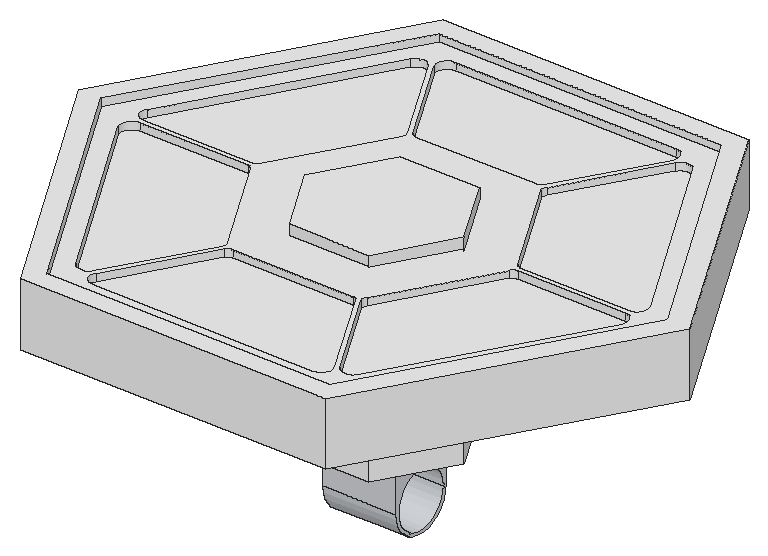
Revit family "Lighting-Industriale-GEWISS-ESALITE-HB-APPARECCHI-LED_16K_DALI", category Apparecchi per illuminazione, host Superficie, Revit 2019
Family settings
  Host = Superficie
  Quota connettore circolare = Usa diametro
  Tipo di parte = Normale
  Taglio con vuoti quando caricato = No
  Sorgente d'illuminazione = No
  Condiviso = No
  Punto di calcolo locali = Sì
Parameters (values of type "GWS6335GD57K - ESALITE 16K ELL.5700K PLAF+V.GR.DALI")
  Versioni = "Luce fredda 5700K"
  Versione file RFA = "20.11"
  VISIBILITA' SIMBOLO [instance] = yes
  VISIBILITA' LAMPADA PIANTA [instance] = not(VISIBILITA' SIMBOLO)  # no
  VISIBILITA' ETICHETTA [instance] = yes
  URL = "https://www.gewiss.com/it/it"
  Tipo alimentatore = "Driver Led Dali"
  Tensione = "220/240 V - 50/60 Hz"
  Temperatura di utilizzo = "-30 +50 °C"
  Temperatura di colore: = "5700 K (CRI>80)"
  Spostamento_y_effettivo_ET [instance] = 4000 mm - Spostamento_y_ET  # 2119.2 mm
  Spostamento_y_ET [instance] = 1880.8 mm
  Spostamento_X_effettivo_ET [instance] = 4000 mm - Spostamento_X_ET  # 3850.612 mm
  Spostamento_X_ET [instance] = 149.388 mm
  Schermo = "Vetro temprato"
  Scheda Tecnica = "https://www.gewiss.com/it/it/search?q=GWS6335GD57K"
  SEO = "High bay"
  Resistenza alle sovratensioni : = "8KV in modalità comune; 6KV in modalità differenziale"
  Resistenza agli urti = "IK08"
  Default Elevation = 1219.2 mm
  Produttore = "GEWISS S.p.A."
  Potenza di sitema = "Wxxx"
  Potenza di sistema = "125W"
  Peso (kg): = "7,5"
  Ottica = "Ellittica"
  Modello = "GWS6335GD57K"
  Lumen output (lm) = "13600"
  Life time L90B10 (Tq 50Â°C) = "50000H"
  Life time L90B10 (Tq 25Â°C) = "100000H"
  Lampada: = "LED - Non sostituibile"
  Immagine tipo = ESALITE_HB.jpg
  IDT = "a54f4c13e4cb438fafd2955485c5441c"
  IDF = "601e2add-3ac0-41d0-ad3b-f966b47d6144"
  Grado di protezione = "IP66"
  Garanzia = "5 anni"
  Flusso nominale (lm) = "17000"
  Descrizione = "ESALITE 16K ELL.5700K PLAF+V.GR.DALI"
  Creato da GEWISS S.p.A. = ""
  Corrente di pilotaggio. = "0,599999999999999A"
  Colore = "Grigio RAL 9006"
  Codice Electrocod = "2444"
  Classe isolamento = "I"
  Classe di efficienza LED integrati = "A ÷ A++"
  Catalogo Serie = "ESALITE HB - 16K"
  Catalogo = "LIGHTING"
  COBie.Tagnumber = ""
  COBie.CreatedOn = ""
  COBie.CreatebBy = ""
  COBie.ComponentRegisterItemID = ""
  COBie.Component.TagNumber = ""
  COBie.Component.Space = ""
  COBie.Component.SerialNumber = ""
  COBie.Component.InstallationDate = ""
  COBie.Component.Description = ""
  COBie.Component.BarCode = ""
  Applicazione = "Interno / Esterno"
Types (25, lengths in mm): name | Versioni | Temperatura di colore: | Schermo | Scheda Tecnica | Resistenza agli urti | Ottica | Modello | Lumen output (lm) | IDT | Grado di protezione | Flusso nominale (lm) | Descrizione | Applicazione
  (no name) | "Luce fredda 5700K" | "5700 K (CRI>80)" | "Vetro temprato" | "https://www.gewiss.com/it/it/search?q=GWS6335GD57K" | "IK08" | "Ellittica" | "GWS6335GD57K" | "13600" | "a54f4c13e4cb438fafd2955485c5441c" | "IP66" | "17000" | "ESALITE 16K ELL.5700K PLAF+V.GR.DALI" | "Interno / Esterno"
  GWS6032GD - ESALITE 16K 30° 4000K PLAF.GR.DALI | "Luce naturale 4000K" | "4000 K (CRI>80)" | "Plastico" | "https://www.gewiss.com/it/it/search?q=GWS6032GD" | "IK06" | "30°" | "GWS6032GD" | "14400" | "39e03025dfbc4288af2ce8f743936643" | "IP65" | "17000" | "ESALITE 16K 30° 4000K PLAF.GR.DALI" | "Interno"
  GWS6032GD30K - ESALITE 16K 30° 3000K PLAF.GR.DALI | "Luce calda 3000K" | "3000 K (CRI>80)" | "Plastico" | "https://www.gewiss.com/it/it/search?q=GWS6032GD30K" | "IK06" | "30°" | "GWS6032GD30K" | "13400" | "c226fc3004d24f4094da6ffb8992abb0" | "IP65" | "16000" | "ESALITE 16K 30° 3000K PLAF.GR.DALI" | "Interno"
  GWS6032GD57K - ESALITE 16K 30° 5700K PLAF.GR.DALI | "Luce fredda 5700K" | "5700 K (CRI>80)" | "Plastico" | "https://www.gewiss.com/it/it/search?q=GWS6032GD57K" | "IK06" | "30°" | "GWS6032GD57K" | "14400" | "a306528a721c42ff9d4e9932b5d48a03" | "IP65" | "17000" | "ESALITE 16K 30° 5700K PLAF.GR.DALI" | "Interno"
  GWS6033GD - ESALITE 16K 60° 4000K PLAF.GR.DALI | "Luce naturale 4000K" | "4000 K (CRI>80)" | "Plastico" | "https://www.gewiss.com/it/it/search?q=GWS6033GD" | "IK06" | "60°" | "GWS6033GD" | "14700" | "6af811cbe9414f66ab4bd28b991bbe8f" | "IP65" | "17000" | "ESALITE 16K 60° 4000K PLAF.GR.DALI" | "Interno"
  GWS6033GD30K - ESALITE 16K 60° 3000K PLAF.GR.DALI | "Luce calda 3000K" | "3000 K (CRI>80)" | "Plastico" | "https://www.gewiss.com/it/it/search?q=GWS6033GD30K" | "IK06" | "60°" | "GWS6033GD30K" | "13700" | "e5e01e6559ea4602886af997f2dd6e4e" | "IP65" | "16000" | "ESALITE 16K 60° 3000K PLAF.GR.DALI" | "Interno"
  GWS6033GD57K - ESALITE 16K 60° 5700K PLAF.GR.DALI | "Luce fredda 5700K" | "5700 K (CRI>80)" | "Plastico" | "https://www.gewiss.com/it/it/search?q=GWS6033GD57K" | "IK06" | "60°" | "GWS6033GD57K" | "14700" | "6ac66394f54543fd9d2a1178bb1d6695" | "IP65" | "17000" | "ESALITE 16K 60° 5700K PLAF.GR.DALI" | "Interno"
  GWS6034GD - ESALITE 16K 90° 4000K PLAF.GR.DALI | "Luce naturale 4000K" | "4000 K (CRI>80)" | "Plastico" | "https://www.gewiss.com/it/it/search?q=GWS6034GD" | "IK06" | "90°" | "GWS6034GD" | "15600" | "ee47cda429fb4ce89b851b92d9619367" | "IP65" | "17000" | "ESALITE 16K 90° 4000K PLAF.GR.DALI" | "Interno"
  GWS6034GD30K - ESALITE 16K 90° 3000K PLAF.GR.DALI | "Luce calda 3000K" | "3000 K (CRI>80)" | "Plastico" | "https://www.gewiss.com/it/it/search?q=GWS6034GD30K" | "IK06" | "90°" | "GWS6034GD30K" | "14500" | "f528e1daeff34361b0fa2685b4df1d6f" | "IP65" | "16000" | "ESALITE 16K 90° 3000K PLAF.GR.DALI" | "Interno"
  GWS6034GD57K - ESALITE 16K 90° 5700K PLAF.GR.DALI | "Luce fredda 5700K" | "5700 K (CRI>80)" | "Plastico" | "https://www.gewiss.com/it/it/search?q=GWS6034GD57K" | "IK06" | "90°" | "GWS6034GD57K" | "15600" | "59a8fbbd0145487e96f26b14b5e4220c" | "IP65" | "17000" | "ESALITE 16K 90° 5700K PLAF.GR.DALI" | "Interno"
  GWS6035GD - ESALITE 16K ELL.4000K PLAF.GR.DALI | "Luce naturale 4000K" | "4000 K (CRI>80)" | "Plastico" | "https://www.gewiss.com/it/it/search?q=GWS6035GD" | "IK06" | "Ellittica" | "GWS6035GD" | "14700" | "6894d707bf884244b0e0e2f22a0d072b" | "IP65" | "17000" | "ESALITE 16K ELL.4000K PLAF.GR.DALI" | "Interno"
  GWS6035GD30K - ESALITE 16K ELL.3000K PLAF.GR.DALI | "Luce calda 3000K" | "3000 K (CRI>80)" | "Plastico" | "https://www.gewiss.com/it/it/search?q=GWS6035GD30K" | "IK06" | "Ellittica" | "GWS6035GD30K" | "13700" | "43f4a1f4c59e4f02a47173e758b3e2f9" | "IP65" | "16000" | "ESALITE 16K ELL.3000K PLAF.GR.DALI" | "Interno"
  GWS6035GD57K - ESALITE 16K ELL.5700K PLAF.GR.DALI | "Luce fredda 5700K" | "5700 K (CRI>80)" | "Plastico" | "https://www.gewiss.com/it/it/search?q=GWS6035GD57K" | "IK06" | "Ellittica" | "GWS6035GD57K" | "14700" | "7e38fbde8da2462c95801c54c3765e04" | "IP65" | "17000" | "ESALITE 16K ELL.5700K PLAF.GR.DALI" | "Interno"
  GWS6332GD - ESALITE 16K 30° 4000K PLAF+V.GR.DALI | "Luce naturale 4000K" | "4000 K (CRI>80)" | "Vetro temprato" | "https://www.gewiss.com/it/it/search?q=GWS6332GD" | "IK08" | "30°" | "GWS6332GD" | "13300" | "8800f98ef3d140f6aaa7b7165f7b2d88" | "IP66" | "17000" | "ESALITE 16K 30° 4000K PLAF+V.GR.DALI" | "Interno / Esterno"
  GWS6332GD30K - ESALITE 16K 30° 3000K PLAF+V.GR.DALI | "Luce calda 3000K" | "3000 K (CRI>80)" | "Vetro temprato" | "https://www.gewiss.com/it/it/search?q=GWS6332GD30K" | "IK08" | "30°" | "GWS6332GD30K" | "12300" | "d878ccc5a83142ffa1d5aa30606ade52" | "IP66" | "16000" | "ESALITE 16K 30° 3000K PLAF+V.GR.DALI" | "Interno / Esterno"
  GWS6332GD57K - ESALITE 16K 30° 5700K PLAF+V.GR.DALI | "Luce fredda 5700K" | "5700 K (CRI>80)" | "Vetro temprato" | "https://www.gewiss.com/it/it/search?q=GWS6332GD57K" | "IK08" | "30°" | "GWS6332GD57K" | "13300" | "57e13c32087e4914b460dd63fcdca865" | "IP66" | "17000" | "ESALITE 16K 30° 5700K PLAF+V.GR.DALI" | "Interno / Esterno"
  GWS6333GD - ESALITE 16K 60° 4000K PLAF+V.GR.DALI | "Luce naturale 4000K" | "4000 K (CRI>80)" | "Vetro temprato" | "https://www.gewiss.com/it/it/search?q=GWS6333GD" | "IK08" | "60°" | "GWS6333GD" | "13600" | "be6ae29a2ded4cf9b4aa5b8921416a86" | "IP66" | "17000" | "ESALITE 16K 60° 4000K PLAF+V.GR.DALI" | "Interno / Esterno"
  GWS6333GD30K - ESALITE 16K 60° 3000K PLAF+V.GR.DALI | "Luce calda 3000K" | "3000 K (CRI>80)" | "Vetro temprato" | "https://www.gewiss.com/it/it/search?q=GWS6333GD30K" | "IK08" | "60°" | "GWS6333GD30K" | "12600" | "87c9c88197a34362af688c8e91c0d271" | "IP66" | "16000" | "ESALITE 16K 60° 3000K PLAF+V.GR.DALI" | "Interno / Esterno"
  GWS6333GD57K - ESALITE 16K 60° 5700K PLAF+V.GR.DALI | "Luce fredda 5700K" | "5700 K (CRI>80)" | "Vetro temprato" | "https://www.gewiss.com/it/it/search?q=GWS6333GD57K" | "IK08" | "60°" | "GWS6333GD57K" | "13600" | "7fab6dde5e8a428699b5bee065c1908d" | "IP66" | "17000" | "ESALITE 16K 60° 5700K PLAF+V.GR.DALI" | "Interno / Esterno"
  GWS6334GD - ESALITE 16K 90° 4000K PLAF+V.GR.DALI | "Luce naturale 4000K" | "4000 K (CRI>80)" | "Vetro temprato" | "https://www.gewiss.com/it/it/search?q=GWS6334GD" | "IK08" | "90°" | "GWS6334GD" | "14400" | "875574b0810943fda973ff4d466be8ed" | "IP66" | "17000" | "ESALITE 16K 90° 4000K PLAF+V.GR.DALI" | "Interno / Esterno"
  GWS6334GD30K - ESALITE 16K 90° 3000K PLAF+V.GR.DALI | "Luce calda 3000K" | "3000 K (CRI>80)" | "Vetro temprato" | "https://www.gewiss.com/it/it/search?q=GWS6334GD30K" | "IK08" | "90°" | "GWS6334GD30K" | "13400" | "b28f25b15131450ab32343165c96e735" | "IP66" | "16000" | "ESALITE 16K 90° 3000K PLAF+V.GR.DALI" | "Interno / Esterno"
  GWS6334GD57K - ESALITE 16K 90° 5700K PLAF+V.GR.DALI | "Luce fredda 5700K" | "5700 K (CRI>80)" | "Vetro temprato" | "https://www.gewiss.com/it/it/search?q=GWS6334GD57K" | "IK08" | "90°" | "GWS6334GD57K" | "14400" | "e6067d8e4f914fe3a1c6a37714fbe1bf" | "IP66" | "17000" | "ESALITE 16K 90° 5700K PLAF+V.GR.DALI" | "Interno / Esterno"
  GWS6335GD - ESALITE 16K ELL.4000K PLAF+V.GR.DALI | "Luce naturale 4000K" | "4000 K (CRI>80)" | "Vetro temprato" | "https://www.gewiss.com/it/it/search?q=GWS6335GD" | "IK08" | "Ellittica" | "GWS6335GD" | "13600" | "1e284efdf1c5438084c89e5faa34d017" | "IP66" | "17000" | "ESALITE 16K ELL.4000K PLAF+V.GR.DALI" | "Interno / Esterno"
  GWS6335GD30K - ESALITE 16K ELL.3000K PLAF+V.GR.DALI | "Luce calda 3000K" | "3000 K (CRI>80)" | "Vetro temprato" | "https://www.gewiss.com/it/it/search?q=GWS6335GD30K" | "IK08" | "Ellittica" | "GWS6335GD30K" | "12600" | "6308e43113534a9dab849f2d239f7b59" | "IP66" | "16000" | "ESALITE 16K ELL.3000K PLAF+V.GR.DALI" | "Interno / Esterno"
  GWS6335GD57K - ESALITE 16K ELL.5700K PLAF+V.GR.DALI | "Luce fredda 5700K" | "5700 K (CRI>80)" | "Vetro temprato" | "https://www.gewiss.com/it/it/search?q=GWS6335GD57K" | "IK08" | "Ellittica" | "GWS6335GD57K" | "13600" | "a54f4c13e4cb438fafd2955485c5441c" | "IP66" | "17000" | "ESALITE 16K ELL.5700K PLAF+V.GR.DALI" | "Interno / Esterno"
Reference planes
  plane 1 "Centro (Fronte/Retro)": y = 0
  plane 2: z = 0
  plane 3 "Centro (Sinistra/Destra)": x = 0
  plane 4: z = 123
  plane 5: x = 0
  plane 6: x = -3850.612
  plane 7: y = -2119.2
  plane 8: y = 0
  plane 9: through (-1779.2, -702.001, 1219.2) normal (0.4695, 0.8829, 0)
  plane 10: through (203.705, -1575.119, 1219.2) normal (-0.866, 0.5, 0)
  plane 11: x = -217.137
  plane 12: x = 217.137
  plane 13: y = 188.046
  plane 14: y = -188.046
Lines and regions (mm)
  symbolic lines, visible <- "VISIBILITA' LAMPADA PIANTA"
    curve 1: line (-217.137, 0, 199.205) -> (217.137, 0, 199.205)
    curve 2: line (-217.137, 0, 152.205) -> (-217.137, 0, 199.205)
    curve 3: line (217.137, 0, 152.205) -> (-217.137, 0, 152.205)
    curve 4: line (217.137, 0, 199.205) -> (217.137, 0, 152.205)
    curve 5: line (-56.644, 0, 152.205) -> (56.76, 0, 152.205)
    curve 6: line (-56.644, 0, 55) -> (-56.644, 0, 152.205)
    curve 7: line (56.76, 0, 55) -> (-56.644, 0, 55)
    curve 8: line (56.76, 0, 152.205) -> (56.76, 0, 55)
    curve 9: line (-26.009, 0, 55) -> (26.009, 0, 55)
    curve 10: line (-26.009, 0, 1.411) -> (-26.009, 0, 55)
    curve 11: line (26.009, 0, 1.411) -> (-26.009, 0, 1.411)
    curve 12: line (26.009, 0, 55) -> (26.009, 0, 1.411)
    curve 13: line (107.72, 186.577, 0) -> (-109.416, 186.577, 0)
    curve 14: line (-109.416, 186.577, 0) -> (-217.985, -1.469, 0)
    curve 15: line (-217.985, -1.469, 0) -> (-109.416, -189.515, 0)
    curve 16: line (-109.416, -189.515, 0) -> (107.72, -189.515, 0)
    curve 17: line (107.72, -189.515, 0) -> (216.289, -1.469, 0)
    curve 18: line (216.289, -1.469, 0) -> (107.72, 186.577, 0)
    curve 19: line (-101.583, 173.009, 0) -> (99.887, 173.009, 0)
    curve 20: line (99.887, 173.009, 0) -> (200.622, -1.469, 0)
    curve 21: line (200.622, -1.469, 0) -> (99.887, -175.947, 0)
    curve 22: line (99.887, -175.947, 0) -> (-101.583, -175.947, 0)
    curve 23: line (-101.583, -175.947, 0) -> (-202.318, -1.469, 0)
    curve 24: line (-202.318, -1.469, 0) -> (-101.583, 173.009, 0)
    curve 25: line (-79.358, 160.011, 0) -> (77.662, 160.011, 0)
    curve 26: arc (77.662, 160.011, 0) -> (84.159, 156.256, 0) -> (84.15, 148.751, 0) r 7.499
    curve 27: line (84.15, 148.751, 0) -> (45.911, 82.521, 0)
    curve 28: arc (45.911, 82.521, 0) -> (44.081, 80.691, 0) -> (41.582, 80.021, 0) r 4.999
    curve 29: line (41.582, 80.021, 0) -> (-43.278, 80.021, 0)
    curve 30: arc (-43.278, 80.021, 0) -> (-45.778, 80.691, 0) -> (-47.608, 82.521, 0) r 4.999
    curve 31: line (-47.608, 82.521, 0) -> (-85.858, 148.773, 0)
    curve 32: arc (-85.858, 148.773, 0) -> (-85.849, 156.267, 0) -> (-79.358, 160.011, 0) r 7.499
    curve 33: line (-179.942, 11.291, 0) -> (-101.445, 147.252, 0)
    curve 34: arc (-101.445, 147.252, 0) -> (-94.957, 151.012, 0) -> (-88.456, 147.273, 0) r 7.499
    curve 35: line (-88.456, 147.273, 0) -> (-50.205, 81.021, 0)
    curve 36: arc (-50.205, 81.021, 0) -> (-49.536, 78.521, 0) -> (-50.205, 76.021, 0) r 4.999
    curve 37: line (-50.205, 76.021, 0) -> (-92.635, 2.531, 0)
    curve 38: arc (-92.635, 2.531, 0) -> (-94.465, 0.701, 0) -> (-96.965, 0.031, 0) r 4.999
    curve 39: line (-96.965, 0.031, 0) -> (-173.454, 0.031, 0)
    curve 40: arc (-173.454, 0.031, 0) -> (-179.952, 3.786, 0) -> (-179.942, 11.291, 0) r 7.499
    curve 41: line (-101.432, -150.211, 0) -> (-179.955, -14.206, 0)
    curve 42: arc (-179.955, -14.206, 0) -> (-179.945, -6.713, 0) -> (-173.454, -2.969, 0) r 7.499
    curve 43: line (-173.454, -2.969, 0) -> (-96.965, -2.969, 0)
    curve 44: arc (-96.965, -2.969, 0) -> (-94.465, -3.638, 0) -> (-92.635, -5.468, 0) r 4.999
    curve 45: line (-92.635, -5.468, 0) -> (-50.205, -78.959, 0)
    curve 46: arc (-50.205, -78.959, 0) -> (-49.536, -81.459, 0) -> (-50.205, -83.958, 0) r 4.999
    curve 47: line (-50.205, -83.958, 0) -> (-88.456, -150.211, 0)
    curve 48: arc (-88.456, -150.211, 0) -> (-94.944, -153.949, 0) -> (-101.432, -150.211, 0) r 7.499
    curve 49: line (-43.278, -82.958, 0) -> (41.582, -82.958, 0)
    curve 50: arc (41.582, -82.958, 0) -> (44.081, -83.628, 0) -> (45.911, -85.458, 0) r 4.999
    curve 51: line (45.911, -85.458, 0) -> (84.15, -151.689, 0)
    curve 52: arc (84.15, -151.689, 0) -> (84.159, -159.193, 0) -> (77.662, -162.948, 0) r 7.499
    curve 53: line (77.662, -162.948, 0) -> (-79.358, -162.948, 0)
    curve 54: arc (-79.358, -162.948, 0) -> (-85.849, -159.204, 0) -> (-85.858, -151.711, 0) r 7.499
    curve 55: line (-85.858, -151.711, 0) -> (-47.608, -85.458, 0)
    curve 56: arc (-47.608, -85.458, 0) -> (-45.778, -83.628, 0) -> (-43.278, -82.958, 0) r 4.999
    curve 57: line (48.509, -78.959, 0) -> (90.939, -5.468, 0)
    curve 58: arc (90.939, -5.468, 0) -> (92.769, -3.638, 0) -> (95.269, -2.969, 0) r 4.999
    curve 59: line (95.269, -2.969, 0) -> (171.758, -2.969, 0)
    curve 60: arc (171.758, -2.969, 0) -> (178.255, -6.724, 0) -> (178.246, -14.228, 0) r 7.499
    curve 61: line (178.246, -14.228, 0) -> (99.749, -150.189, 0)
    curve 62: arc (99.749, -150.189, 0) -> (93.261, -153.949, 0) -> (86.76, -150.211, 0) r 7.499
    curve 63: line (86.76, -150.211, 0) -> (48.509, -83.958, 0)
    curve 64: arc (48.509, -83.958, 0) -> (47.839, -81.459, 0) -> (48.509, -78.959, 0) r 4.999
    curve 65: line (90.939, 2.531, 0) -> (48.509, 76.021, 0)
    curve 66: arc (48.509, 76.021, 0) -> (47.839, 78.521, 0) -> (48.509, 81.021, 0) r 4.999
    curve 67: line (48.509, 81.021, 0) -> (86.76, 147.273, 0)
    curve 68: arc (86.76, 147.273, 0) -> (93.261, 151.012, 0) -> (99.749, 147.252, 0) r 7.499
    curve 69: line (99.749, 147.252, 0) -> (178.246, 11.291, 0)
    curve 70: arc (178.246, 11.291, 0) -> (178.255, 3.786, 0) -> (171.758, 0.031, 0) r 7.499
    curve 71: line (171.758, 0.031, 0) -> (95.269, 0.031, 0)
    curve 72: arc (95.269, 0.031, 0) -> (92.769, 0.701, 0) -> (90.939, 2.531, 0) r 4.999
    curve 73: line (55.912, -1.284, 0) -> (27.561, 47.821, 0)
    curve 74: line (27.561, 47.821, 0) -> (-29.141, 47.821, 0)
    curve 75: line (-29.141, 47.821, 0) -> (-57.492, -1.284, 0)
    curve 76: line (-57.492, -1.284, 0) -> (-29.141, -50.389, 0)
    curve 77: line (-29.141, -50.389, 0) -> (27.561, -50.389, 0)
    curve 78: line (27.561, -50.389, 0) -> (55.912, -1.284, 0)
  symbolic lines, visible <- "VISIBILITA' LAMPADA PIANTA", not visible
    curve 79: line (873.197, 818.285, 0) -> (656.06, 818.285, 0)
    curve 80: line (656.06, 818.285, 0) -> (547.492, 630.239, 0)
    curve 81: line (547.492, 630.239, 0) -> (656.06, 442.193, 0)
    curve 82: line (656.06, 442.193, 0) -> (873.197, 442.193, 0)
    curve 83: line (873.197, 442.193, 0) -> (981.765, 630.239, 0)
    curve 84: line (981.765, 630.239, 0) -> (873.197, 818.285, 0)
    curve 85: line (663.893, 804.717, 0) -> (865.363, 804.717, 0)
    curve 86: line (865.363, 804.717, 0) -> (966.098, 630.239, 0)
    curve 87: line (966.098, 630.239, 0) -> (865.363, 455.761, 0)
    curve 88: line (865.363, 455.761, 0) -> (663.893, 455.761, 0)
    curve 89: line (663.893, 455.761, 0) -> (563.159, 630.239, 0)
    curve 90: line (563.159, 630.239, 0) -> (663.893, 804.717, 0)
    curve 91: line (686.119, 791.719, 0) -> (843.138, 791.719, 0)
    curve 92: arc (843.138, 791.719, 0) -> (849.636, 787.964, 0) -> (849.626, 780.459, 0) r 7.499
    curve 93: line (849.626, 780.459, 0) -> (811.388, 714.229, 0)
    curve 94: arc (811.388, 714.229, 0) -> (809.558, 712.399, 0) -> (807.058, 711.729, 0) r 4.999
    curve 95: line (807.058, 711.729, 0) -> (722.198, 711.729, 0)
    curve 96: arc (722.198, 711.729, 0) -> (719.699, 712.399, 0) -> (717.869, 714.229, 0) r 4.999
    curve 97: line (717.869, 714.229, 0) -> (679.618, 780.481, 0)
    curve 98: arc (679.618, 780.481, 0) -> (679.627, 787.975, 0) -> (686.119, 791.719, 0) r 7.499
    curve 99: line (585.534, 642.999, 0) -> (664.031, 778.96, 0)
    curve 100: arc (664.031, 778.96, 0) -> (670.519, 782.72, 0) -> (677.02, 778.981, 0) r 7.499
    curve 101: line (677.02, 778.981, 0) -> (715.271, 712.729, 0)
    curve 102: arc (715.271, 712.729, 0) -> (715.941, 710.229, 0) -> (715.271, 707.73, 0) r 4.999
    curve 103: line (715.271, 707.73, 0) -> (672.841, 634.239, 0)
    curve 104: arc (672.841, 634.239, 0) -> (671.011, 632.409, 0) -> (668.512, 631.739, 0) r 4.999
    curve 105: line (668.512, 631.739, 0) -> (592.022, 631.739, 0)
    curve 106: arc (592.022, 631.739, 0) -> (585.525, 635.494, 0) -> (585.534, 642.999, 0) r 7.499
    curve 107: line (664.044, 481.497, 0) -> (585.522, 617.502, 0)
    curve 108: arc (585.522, 617.502, 0) -> (585.531, 624.995, 0) -> (592.022, 628.74, 0) r 7.499
    curve 109: line (592.022, 628.74, 0) -> (668.512, 628.74, 0)
    curve 110: arc (668.512, 628.74, 0) -> (671.011, 628.07, 0) -> (672.841, 626.24, 0) r 4.999
    curve 111: line (672.841, 626.24, 0) -> (715.271, 552.749, 0)
    curve 112: arc (715.271, 552.749, 0) -> (715.941, 550.249, 0) -> (715.271, 547.75, 0) r 4.999
    curve 113: line (715.271, 547.75, 0) -> (677.02, 481.497, 0)
    curve 114: arc (677.02, 481.497, 0) -> (670.532, 477.759, 0) -> (664.044, 481.497, 0) r 7.499
    curve 115: line (722.198, 548.75, 0) -> (807.058, 548.75, 0)
    curve 116: arc (807.058, 548.75, 0) -> (809.558, 548.08, 0) -> (811.388, 546.25, 0) r 4.999
    curve 117: line (811.388, 546.25, 0) -> (849.626, 480.019, 0)
    curve 118: arc (849.626, 480.019, 0) -> (849.636, 472.515, 0) -> (843.138, 468.76, 0) r 7.499
    curve 119: line (843.138, 468.76, 0) -> (686.119, 468.76, 0)
    curve 120: arc (686.119, 468.76, 0) -> (679.627, 472.504, 0) -> (679.618, 479.997, 0) r 7.499
    curve 121: line (679.618, 479.997, 0) -> (717.869, 546.25, 0)
    curve 122: arc (717.869, 546.25, 0) -> (719.699, 548.08, 0) -> (722.198, 548.75, 0) r 4.999
    curve 123: line (813.986, 552.749, 0) -> (856.415, 626.24, 0)
    curve 124: arc (856.415, 626.24, 0) -> (858.245, 628.07, 0) -> (860.745, 628.74, 0) r 4.999
    curve 125: line (860.745, 628.74, 0) -> (937.234, 628.74, 0)
    curve 126: arc (937.234, 628.74, 0) -> (943.732, 624.985, 0) -> (943.722, 617.48, 0) r 7.499
    curve 127: line (943.722, 617.48, 0) -> (865.225, 481.519, 0)
    curve 128: arc (865.225, 481.519, 0) -> (858.737, 477.759, 0) -> (852.236, 481.497, 0) r 7.499
    curve 129: line (852.236, 481.497, 0) -> (813.986, 547.75, 0)
    curve 130: arc (813.986, 547.75, 0) -> (813.316, 550.249, 0) -> (813.986, 552.749, 0) r 4.999
    curve 131: line (856.415, 634.239, 0) -> (813.986, 707.73, 0)
    curve 132: arc (813.986, 707.73, 0) -> (813.316, 710.229, 0) -> (813.986, 712.729, 0) r 4.999
    curve 133: line (813.986, 712.729, 0) -> (852.236, 778.981, 0)
    curve 134: arc (852.236, 778.981, 0) -> (858.737, 782.72, 0) -> (865.225, 778.96, 0) r 7.499
    curve 135: line (865.225, 778.96, 0) -> (943.722, 642.999, 0)
    curve 136: arc (943.722, 642.999, 0) -> (943.732, 635.494, 0) -> (937.234, 631.739, 0) r 7.499
    curve 137: line (937.234, 631.739, 0) -> (860.745, 631.739, 0)
    curve 138: arc (860.745, 631.739, 0) -> (858.245, 632.409, 0) -> (856.415, 634.239, 0) r 4.999
    curve 139: line (821.388, 630.424, 0) -> (793.037, 679.529, 0)
    curve 140: line (793.037, 679.529, 0) -> (736.336, 679.529, 0)
    curve 141: line (736.336, 679.529, 0) -> (707.985, 630.424, 0)
    curve 142: line (707.985, 630.424, 0) -> (736.336, 581.319, 0)
    curve 143: line (736.336, 581.319, 0) -> (793.037, 581.319, 0)
    curve 144: line (793.037, 581.319, 0) -> (821.388, 630.424, 0)
Text (mm)
  text "B-A=C" at (-2005.323, -1167.131, 0), in view "Livello rif."
  text "D+A-C=B" at (1746.792, 582.509, 0), in view "Livello rif."
Dimensions and locks
  "Spostamento_X_effettivo_ET": plane 6 to plane 5
  plane 6 to plane 3 "Centro (Sinistra/Destra)" = 3850.612 mm
  "Spostamento_y_effettivo_ET": plane 8 to plane 7
  plane 1 "Centro (Fronte/Retro)" to plane 7 = 2119.2 mm
  plane 11 to plane 12 = 434.273 mm
  plane 13 to plane 14 = 376.092 mm
  angle plane 9 to plane 7 = 28.00°
  angle plane 7 to plane 6 = 90.00°
  aligned and locked: plane 2 to host face
  aligned and locked: level to host face
  aligned and locked: plane 5 to nested 1
  aligned and locked: nested 1 to plane 8
Automatic sketch dimensions
  host sketch curve to host sketch curve = 2438.4 mm  (x2)
  curve 3 to plane 11 = 0 mm
  curve 3 to plane 12 = 0 mm
  curve 6 to plane 3 "Centro (Sinistra/Destra)" = 56.644 mm
  level to curve 10 = 1.411 mm
  curve 10 to plane 3 "Centro (Sinistra/Destra)" = 26.009 mm
  plane 3 "Centro (Sinistra/Destra)" to curve 12 = 26.009 mm
  plane 3 "Centro (Sinistra/Destra)" to curve 8 = 56.76 mm
  curve 10 to curve 10 = 53.589 mm
  curve 8 to curve 9 = 0 mm
  curve 6 to plane 4 = 29.205 mm
  curve 4 to plane 4 = 29.205 mm
  curve 3 to curve 4 = 47 mm
Nested families
  nested 1: "etichetta Potenza Lampada" at (0, 0, 0), visible <- "VISIBILITA' ETICHETTA", type "etichetta Potenza Lampada"
  nested 2: "xESALITE HB 16K SOSPENSIONE_base" at (0, 0, 0), type "Tipo 1"
  nested 3: "esalight hb simb" at (0, 0, 0), visible <- "VISIBILITA' SIMBOLO", type "esalight hb simb"
  nested 4: "esalight hb simb" at (-1, 0, 117.439) x (1, 0, 0) z (0, -1, 0), visible <- "VISIBILITA' SIMBOLO", type "esalight hb simb"
Definition of nested family "xESALITE HB 16K SOSPENSIONE_base"
  Parameters (values of type "16hb")
    Schermatura interna = none
    LED = none
    Corpo luce = none
  Reference planes
    plane 1 "Centro (Fronte/Retro)": y = 0
    plane 2: z = 0
    plane 3 "Centro (Sinistra/Destra)": x = 0
    plane 4: x = -145.163
    plane 5: x = 145.28
    plane 6: y = 126.226
    plane 7: y = -125.856
    plane 8: y = 55.469
    plane 9: y = -55.099
    plane 10: x = -63.671
    plane 11: x = 63.788
    plane 12: y = -123.856
    plane 13: y = 124.226
    plane 14: y = -112.535
    plane 15: y = 112.905
    plane 16: y = -22
    plane 17: y = 22
    plane 18: y = -108.017
    plane 19: y = 108.387
    plane 20: through (-28.293, 49.29, 1200) normal (0.866, -0.5, 0)
    plane 21: y = 49.29
    plane 22: through (28.409, 49.29, 1200) normal (0.866, 0.5, 0)
    plane 23: through (28.409, -48.92, 1200) normal (-0.866, 0.5, 0)
    plane 24: y = -48.92
    plane 25: through (-56.644, 0.185, 1200) normal (0.866, 0.5, 0)
    plane 26: through (-31.86, 55.469, 1200) normal (0.866, -0.5, 0)
    plane 27: through (-63.778, 0.185, 1200) normal (0.866, 0.5, 0)
    plane 28: y = -55.099
    plane 29: through (63.894, 0.185, 1200) normal (0.866, -0.5, 0)
    plane 30: through (63.894, 0.185, 1200) normal (-0.866, -0.5, 0)
    plane 31: y = 55.469
    plane 32: z = 123.439
    plane 33: through (-65.51, 1.185, 1200) normal (-0.866, 0.5, 0)
    plane 34: through (-33.592, -56.099, 1200) normal (-0.866, -0.5, 0)
    plane 35: through (-65.51, 1.185, 1200) normal (-0.866, 0.5, 0)
    plane 36: y = 57.469
    plane 37: through (33.708, 56.469, 1200) normal (0.866, 0.5, 0)
    plane 38: through (65.626, -0.815, 1200) normal (0.866, -0.5, 0)
    plane 39: y = -57.099
    plane 40: y = -1
    plane 41: y = 1
    plane 42: x = -1
    plane 43: x = 0
    plane 44: y = 105.387
    plane 45: y = -105.017
    plane 46: z = 130
    plane 47: y = -103.017
    plane 48: y = 103.387
    plane 49: x = 1
    plane 50: through (-108.857, 187.546, 1200) normal (0.866, -0.5, 0)
    plane 51: y = 188.046
    plane 52: y = 174.478
    plane 53: through (-101.456, 173.228, 1200) normal (0.866, -0.5, 0)
    plane 54: through (-216.848, -0.5, 1200) normal (0.866, 0.5, 0)
    plane 55: through (-200.748, -1.25, 1200) normal (0.866, 0.5, 0)
    plane 56: y = -188.046
    plane 57: y = -174.478
    plane 58: y = 188.046
    plane 59: y = 174.478
    plane 60: through (200.748, 1.25, 1200) normal (-0.866, -0.5, 0)
    plane 61: through (216.848, 0.5, 1200) normal (-0.866, -0.5, 0)
    plane 62: through (108.857, -187.546, 1200) normal (-0.866, 0.5, 0)
    plane 63: through (101.456, -173.228, 1200) normal (-0.866, 0.5, 0)
    plane 64: z = 89
    plane 65: z = 134
    plane 66: z = 108.133
    plane 67: z = 123.439
    plane 68: z = 117.439
    plane 69: z = 128.439
    plane 70: z = 27.205
    plane 71: z = 152.205
    plane 72: z = 197.205
    plane 73: z = 199.205
    plane 74: z = 192.205
    plane 75: z = 182.205
    plane 76: z = 187.205
    plane 77: z = 184.113
  Forms (mm)
    Extrusion 1, solid, material <- "Corpo luce"
      sketch origin (0, 0, 0) x (1, 0, 0) y (0, 1, 0)
        loop
          line (-28.293, 49.29) -> (-56.644, 0.185) -> (-28.293, -48.92) -> (28.409, -48.92) -> (56.76, 0.185) -> (28.409, 49.29) -> (-28.293, 49.29)
      from 199.205 to 55
    Extrusion 2, solid
      sketch origin (0, 0, 0) x (0, 1, 0) y (0, 0, 1)
        loop
          arc (-22, 21.411) -> (0, -0.589) -> (22, 21.411) r 22
          line (22, 21.411) -> (22, 55) -> (-22, 55) -> (-22, 21.411)
        loop
          circle (0, 21.411) r 20
      from -26.009 to 26.009
    Extrusion 3, solid, material <- "Corpo luce"
      sketch origin (0, 0, 0) x (1, 0, 0) y (0, 1, 0)
        loop
          line (108.568, -188.046) -> (217.137, 0) -> (108.568, 188.046) -> (-108.568, 188.046) -> (-217.137, 0) -> (-108.568, -188.046) -> (108.568, -188.046)
        loop
          line (100.735, -174.478) -> (201.47, 0) -> (100.735, 174.478) -> (-100.735, 174.478) -> (-201.47, 0) -> (-100.735, -174.478) -> (100.735, -174.478)
      from 152.205 to 197.205
    Extrusion 4, solid, material <- "Corpo luce"
      sketch origin (0, 0, 0) x (1, 0, 0) y (0, 1, 0)
        loop
          line (-201.47, 0) -> (-100.735, -174.478) -> (100.735, -174.478) -> (201.47, 0) -> (100.735, 174.478) -> (-100.735, 174.478) -> (-201.47, 0)
        loop
          line (-28.293, 49.29) -> (-56.644, 0.185) -> (-28.293, -48.92) -> (28.409, -48.92) -> (56.76, 0.185) -> (28.409, 49.29) -> (-28.293, 49.29)
      from 182.205 to 192.205
    Extrusion 5, void
      sketch origin (0, 0, 0) x (1, 0, 0) y (0, 1, 0)
        loop
          line (-100.597, 148.72) -> (-179.094, 12.76)
          arc (-179.094, 12.76) -> (-179.103, 5.255) -> (-172.606, 1.5) r 7.499
          line (-172.606, 1.5) -> (-96.117, 1.5)
          arc (-96.117, 1.5) -> (-93.617, 2.17) -> (-91.787, 4) r 4.999
          line (-91.787, 4) -> (-49.357, 77.49)
          arc (-49.357, 77.49) -> (-48.687, 79.99) -> (-49.357, 82.49) r 4.999
          line (-49.357, 82.49) -> (-87.608, 148.742)
          arc (-87.608, 148.742) -> (-94.109, 152.481) -> (-100.597, 148.72) r 7.499
        loop
          line (78.51, 161.48) -> (-78.51, 161.48)
          arc (-78.51, 161.48) -> (-85.001, 157.736) -> (-85.01, 150.242) r 7.499
          line (-85.01, 150.242) -> (-46.759, 83.99)
          arc (-46.759, 83.99) -> (-44.93, 82.16) -> (-42.43, 81.49) r 4.999
          line (-42.43, 81.49) -> (42.43, 81.49)
          arc (42.43, 81.49) -> (44.93, 82.16) -> (46.759, 83.99) r 4.999
          line (46.759, 83.99) -> (84.998, 150.22)
          arc (84.998, 150.22) -> (85.007, 157.725) -> (78.51, 161.48) r 7.499
        loop
          arc (49.357, 82.49) -> (48.687, 79.99) -> (49.357, 77.49) r 4.999
          line (49.357, 77.49) -> (91.787, 4)
          arc (91.787, 4) -> (93.617, 2.17) -> (96.117, 1.5) r 4.999
          line (96.117, 1.5) -> (172.606, 1.5)
          arc (172.606, 1.5) -> (179.103, 5.255) -> (179.094, 12.76) r 7.499
          line (179.094, 12.76) -> (100.597, 148.72)
          arc (100.597, 148.72) -> (94.109, 152.481) -> (87.608, 148.742) r 7.499
          line (87.608, 148.742) -> (49.357, 82.49)
        loop
          line (49.357, -82.489) -> (87.608, -148.742)
          arc (87.608, -148.742) -> (94.109, -152.48) -> (100.597, -148.72) r 7.499
          line (100.597, -148.72) -> (179.094, -12.759)
          arc (179.094, -12.759) -> (179.103, -5.255) -> (172.606, -1.5) r 7.499
          line (172.606, -1.5) -> (96.117, -1.5)
          arc (96.117, -1.5) -> (93.617, -2.169) -> (91.787, -3.999) r 4.999
          line (91.787, -3.999) -> (49.357, -77.49)
          arc (49.357, -77.49) -> (48.687, -79.99) -> (49.357, -82.489) r 4.999
        loop
          arc (-42.43, -81.489) -> (-44.93, -82.159) -> (-46.759, -83.989) r 4.999
          line (-46.759, -83.989) -> (-85.01, -150.242)
          arc (-85.01, -150.242) -> (-85.001, -157.735) -> (-78.51, -161.479) r 7.499
          line (-78.51, -161.479) -> (78.51, -161.479)
          arc (78.51, -161.479) -> (85.007, -157.724) -> (84.998, -150.22) r 7.499
          line (84.998, -150.22) -> (46.759, -83.989)
          arc (46.759, -83.989) -> (44.93, -82.159) -> (42.43, -81.489) r 4.999
          line (42.43, -81.489) -> (-42.43, -81.489)
        loop
          arc (-91.787, -3.999) -> (-93.617, -2.169) -> (-96.117, -1.5) r 4.999
          line (-96.117, -1.5) -> (-172.606, -1.5)
          arc (-172.606, -1.5) -> (-179.097, -5.244) -> (-179.107, -12.737) r 7.499
          line (-179.107, -12.737) -> (-100.584, -148.742)
          arc (-100.584, -148.742) -> (-94.096, -152.48) -> (-87.608, -148.742) r 7.499
          line (-87.608, -148.742) -> (-49.357, -82.489)
          arc (-49.357, -82.489) -> (-48.687, -79.99) -> (-49.357, -77.49) r 4.999
          line (-49.357, -77.49) -> (-91.787, -3.999)
      from 187.205 to 192.205
  Cuts and joins
    Extrusion 5 cuts Extrusion 4
  Lines and regions (mm)
    symbolic lines
      curve 1: line (0, 188.046, 0) -> (0, 193.046, 0)
  Dimensions and locks
    locked: plane 6 to plane 13 at 2
    locked: plane 7 to plane 12 at 2
    locked: plane 15 to plane 13 at 11.321
    locked: plane 12 to plane 14 at 11.321
    equal spacing: Extrusion 2, plane 3 "Centro (Sinistra/Destra)", Extrusion 2
    plane 4 to plane 5 = 290.443 mm
    plane 7 to plane 6 = 252.082 mm
    Extrusion 1 to plane 70 = 172 mm
    plane 72 to plane 71 = 45 mm
    locked: plane 72 to plane 74 at 5
    locked: plane 74 to plane 75 at 10
    locked: plane 74 to plane 76 at 5
    locked: plane 76 to plane 77 at 3.092
    aligned and locked: level to plane 2
    aligned and locked: Extrusion 2 sketch curve to plane 16
    aligned and locked: Extrusion 2 sketch curve to plane 17
    aligned and locked: plane 1 "Centro (Fronte/Retro)" to Extrusion 2 sketch curve
    aligned and locked: Extrusion 1 sketch curve to plane 20
    aligned and locked: Extrusion 1 sketch curve to plane 25
    aligned and locked: Extrusion 1 sketch curve to plane 24
    aligned and locked: Extrusion 1 sketch curve to plane 23
    aligned and locked: Extrusion 1 sketch curve to plane 22
    aligned and locked: Extrusion 1 sketch curve to plane 21
    aligned and locked: Extrusion 1 to plane 73
    aligned and locked: Extrusion 3 to plane 72
    aligned and locked: plane 71 to Extrusion 3
    aligned and locked: Extrusion 4 to plane 74
    aligned and locked: Extrusion 4 to plane 75
    aligned and locked: Extrusion 4 to Extrusion 5
    aligned and locked: plane 76 to Extrusion 5
  Automatic sketch dimensions
    curve 1 to plane 3 "Centro (Sinistra/Destra)" = 0 mm
    curve 1 to plane 51 = 0 mm
    curve 1 to curve 1 = 5 mm
    Extrusion 2 sketch curve to Extrusion 2 sketch curve = 0 mm
    plane 70 to Extrusion 2 sketch curve = 5.795 mm
    Extrusion 2 sketch curve to plane 70 = 27.795 mm
    plane 50 to Extrusion 3 sketch curve = 0 mm  (x2)
    Extrusion 3 sketch curve to plane 54 = 0 mm  (x2)
    plane 53 to Extrusion 3 sketch curve = 0 mm  (x2)
    Extrusion 3 sketch curve to plane 55 = 0 mm  (x2)
    Extrusion 3 sketch curve to plane 56 = 0 mm
    Extrusion 3 sketch curve to plane 51 = 0 mm
    Extrusion 3 sketch curve to plane 57 = 0 mm
    Extrusion 3 sketch curve to plane 52 = 0 mm
    Extrusion 3 sketch curve to plane 63 = 0 mm
    plane 60 to Extrusion 3 sketch curve = 0 mm  (x2)
    plane 61 to Extrusion 3 sketch curve = 0 mm  (x2)
    Extrusion 3 sketch curve to plane 62 = 0 mm
    plane 63 to Extrusion 3 sketch curve = 0 mm
    plane 62 to Extrusion 3 sketch curve = 0 mm
    plane 53 to Extrusion 4 sketch curve = 0 mm  (x2)
    Extrusion 4 sketch curve to plane 55 = 0 mm  (x2)
    Extrusion 4 sketch curve to plane 52 = 0 mm
    Extrusion 4 sketch curve to plane 57 = 0 mm
    Extrusion 4 sketch curve to plane 20 = 0 mm
    Extrusion 4 sketch curve to plane 25 = 0 mm  (x2)
    plane 20 to Extrusion 4 sketch curve = 0 mm
    Extrusion 4 sketch curve to plane 21 = 0 mm
    Extrusion 4 sketch curve to plane 24 = 0 mm
    Extrusion 4 sketch curve to plane 22 = 0 mm  (x2)
    Extrusion 4 sketch curve to plane 23 = 0 mm  (x2)
    plane 60 to Extrusion 4 sketch curve = 0 mm  (x2)
    Extrusion 4 sketch curve to plane 63 = 0 mm
    plane 63 to Extrusion 4 sketch curve = 0 mm
    Extrusion 5 sketch curve to plane 16 = 9.263 mm
    plane 4 to Extrusion 5 sketch curve = 33.943 mm
    plane 17 to Extrusion 5 sketch curve = 9.24 mm  (x2)
    Extrusion 5 sketch curve to Extrusion 5 sketch curve = 0.013 mm
    Extrusion 5 sketch curve to Extrusion 5 sketch curve = 6.501 mm  (x6)
    Extrusion 5 sketch curve to plane 41 = 0.5 mm  (x2)
    Extrusion 5 sketch curve to Extrusion 5 sketch curve = 0 mm  (x10)
    plane 10 to Extrusion 5 sketch curve = 36.926 mm
    plane 10 to Extrusion 5 sketch curve = 36.913 mm
    plane 40 to Extrusion 5 sketch curve = 0.5 mm  (x2)
    plane 10 to Extrusion 5 sketch curve = 32.445 mm
    Extrusion 5 sketch curve to Extrusion 5 sketch curve = 6.488 mm  (x9)
    Extrusion 5 sketch curve to plane 41 = 3 mm  (x2)
    Extrusion 5 sketch curve to Extrusion 5 sketch curve = 4.33 mm  (x11)
    plane 40 to Extrusion 5 sketch curve = 2.999 mm  (x2)
    Extrusion 5 sketch curve to Extrusion 5 sketch curve = 2.598 mm  (x8)
    Extrusion 5 sketch curve to plane 10 = 9.984 mm  (x2)
    plane 11 to Extrusion 5 sketch curve = 21.358 mm  (x2)
    Extrusion 5 sketch curve to plane 11 = 14.722 mm  (x2)
    Extrusion 5 sketch curve to Extrusion 5 sketch curve = 2.61 mm  (x2)
    Extrusion 5 sketch curve to plane 11 = 28 mm
    plane 7 to Extrusion 5 sketch curve = 22.864 mm
    plane 6 to Extrusion 5 sketch curve = 22.495 mm
    Extrusion 5 sketch curve to plane 5 = 27.326 mm
    Extrusion 5 sketch curve to plane 16 = 9.241 mm
    plane 7 to Extrusion 5 sketch curve = 22.886 mm
    Extrusion 5 sketch curve to Extrusion 5 sketch curve = 0.022 mm
    Extrusion 5 sketch curve to Extrusion 5 sketch curve = 1.478 mm  (x2)
    Extrusion 5 sketch curve to Extrusion 5 sketch curve = 1.5 mm  (x6)
    Extrusion 5 sketch curve to Extrusion 5 sketch curve = 3.76 mm  (x2)
    plane 47 to Extrusion 5 sketch curve = 16.529 mm  (x2)
    Extrusion 5 sketch curve to Extrusion 5 sketch curve = 2.5 mm  (x5)
    plane 36 to Extrusion 5 sketch curve = 20.022 mm  (x2)
    Extrusion 5 sketch curve to Extrusion 5 sketch curve = 1 mm
    Extrusion 5 sketch curve to Extrusion 5 sketch curve = 3.739 mm  (x3)
    plane 6 to Extrusion 5 sketch curve = 18.756 mm
    radius of Extrusion 2 sketch curve = 20 mm
Definition of nested family "etichetta Potenza Lampada"
  Parameters (values of type "etichetta Potenza Lampada")
    potenza lampada = "Wxxx"
  Reference planes
    plane 1: y = 0
    plane 2: x = 0
  Text (mm)
    label "QE" at (0.073, -0.194, 0), shows "potenza lampada"
Definition of nested family "esalight hb simb"
  Reference planes
    plane 1 "Centro (Fronte/Retro)": y = 0
    plane 2: z = 0
    plane 3 "Centro (Sinistra/Destra)": x = 0
  Lines and regions (mm)
    detail lines, in view "Livello rif."
      curve 1: line (0, 77.5, 0) -> (0, -72.5, 0)
      curve 2: arc (0, 77.5, 0) -> (75, 2.5, 0) -> (0, -72.5, 0) r 75
      curve 3: line (84.5, 45.846, 0) -> (142.251, 79.189, 0)
      curve 4: line (162.442, 90.846, 0) -> (139.127, 84.599, 0)
      curve 5: line (162.442, 90.846, 0) -> (145.374, 73.779, 0)
      curve 6: line (139.127, 84.599, 0) -> (145.374, 73.779, 0)
      curve 7: line (84.5, -50.846, 0) -> (142.251, -84.189, 0)
      curve 8: line (162.442, -95.846, 0) -> (139.127, -89.599, 0)
      curve 9: line (162.442, -95.846, 0) -> (145.374, -78.779, 0)
      curve 10: line (139.127, -89.599, 0) -> (145.374, -78.779, 0)
